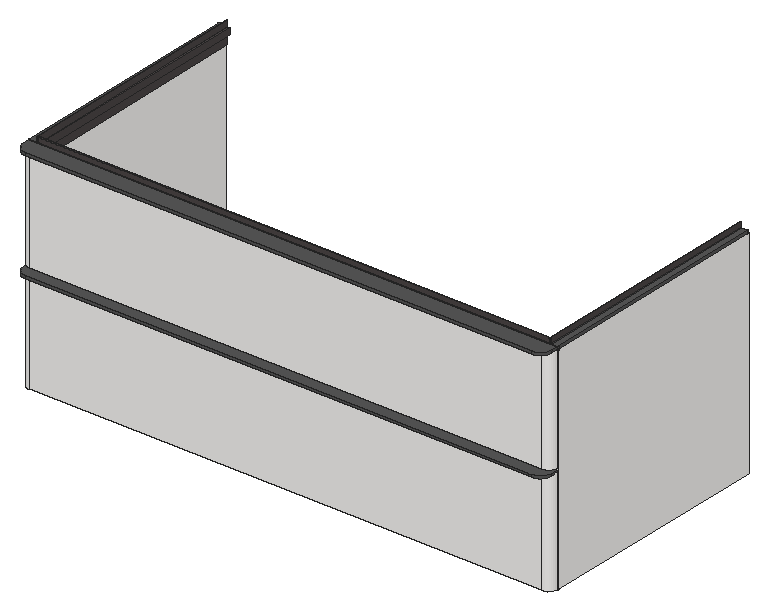
Revit family "vanity unit with 2 drawers for consoles with bowl", category Furniture, Revit 2019
Family settings
  OmniClass Number = 23.21.19.15.33.13
  Work Plane-Based = No
  Always vertical = Yes
  Cut with Voids When Loaded = No
  Shared = Yes
  Room Calculation Point = No
Parameters (values of type "Vanity unit 1180_550 with 2 drawers for consoles with bowl-54082670-High Gloss White-MATT_BLACK-400")
  etim7_EC011381 = "EC011381"
  WEIGHT = "42.7"
  Vanity unit 980_550 with 2 drawers for consoles with bowl-54081700-Dark Walnut-MATT_WHITE-400_RX0RY0RZ0TX0TY0TZ0_V = no
  Vanity unit 980_550 with 2 drawers for consoles with bowl-54081700-Dark Walnut-MATT_WHITE-200_RX0RY0RZ0TX0TY0TZ0_V = no
  Vanity unit 980_550 with 2 drawers for consoles with bowl-54081670-Dark Walnut-MATT_BLACK-400_RX0RY0RZ0TX0TY0TZ0_V = no
  Vanity unit 980_550 with 2 drawers for consoles with bowl-54081670-Dark Walnut-MATT_BLACK-200_RX0RY0RZ0TX0TY0TZ0_V = no
  Vanity unit 980_550 with 2 drawers for consoles with bowl-54081000-Dark Walnut-CHROME-400_RX0RY0RZ0TX0TY0TZ0_V = no
  Vanity unit 980_550 with 2 drawers for consoles with bowl-54081000-Dark Walnut-CHROME-200_RX0RY0RZ0TX0TY0TZ0_V = no
  Vanity unit 980_550 with 2 drawers for consoles with bowl-54080700-Natural Oak-MATT_WHITE-400_RX0RY0RZ0TX0TY0TZ0_V = no
  Vanity unit 980_550 with 2 drawers for consoles with bowl-54080700-Natural Oak-MATT_WHITE-200_RX0RY0RZ0TX0TY0TZ0_V = no
  Vanity unit 980_550 with 2 drawers for consoles with bowl-54080670-Natural Oak-MATT_BLACK-400_RX0RY0RZ0TX0TY0TZ0_V = no
  Vanity unit 980_550 with 2 drawers for consoles with bowl-54080670-Natural Oak-MATT_BLACK-200_RX0RY0RZ0TX0TY0TZ0_V = no
  Vanity unit 980_550 with 2 drawers for consoles with bowl-54080000-Natural Oak-CHROME-400_RX0RY0RZ0TX0TY0TZ0_V = no
  Vanity unit 980_550 with 2 drawers for consoles with bowl-54080000-Natural Oak-CHROME-200_RX0RY0RZ0TX0TY0TZ0_V = no
  Vanity unit 980_550 with 2 drawers for consoles with bowl-54079700-Diamond Matt Grey-MATT_WHITE-400_RX0RY0RZ0TX0TY0TZ0_V = no
  Vanity unit 980_550 with 2 drawers for consoles with bowl-54079700-Diamond Matt Grey-MATT_WHITE-200_RX0RY0RZ0TX0TY0TZ0_V = no
  Vanity unit 980_550 with 2 drawers for consoles with bowl-54079670-Diamond Matt Grey-MATT_BLACK-400_RX0RY0RZ0TX0TY0TZ0_V = no
  Vanity unit 980_550 with 2 drawers for consoles with bowl-54079670-Diamond Matt Grey-MATT_BLACK-200_RX0RY0RZ0TX0TY0TZ0_V = no
  Vanity unit 980_550 with 2 drawers for consoles with bowl-54079000-Diamond Matt Grey-CHROME-400_RX0RY0RZ0TX0TY0TZ0_V = no
  Vanity unit 980_550 with 2 drawers for consoles with bowl-54079000-Diamond Matt Grey-CHROME-200_RX0RY0RZ0TX0TY0TZ0_V = no
  Vanity unit 980_550 with 2 drawers for consoles with bowl-54078700-High Gloss White-MATT_WHITE-400_RX0RY0RZ0TX0TY0TZ0_V = no
  Vanity unit 980_550 with 2 drawers for consoles with bowl-54078700-High Gloss White-MATT_WHITE-200_RX0RY0RZ0TX0TY0TZ0_V = no
  Vanity unit 980_550 with 2 drawers for consoles with bowl-54078670-High Gloss White-MATT_BLACK-400_RX0RY0RZ0TX0TY0TZ0_V = no
  Vanity unit 980_550 with 2 drawers for consoles with bowl-54078670-High Gloss White-MATT_BLACK-200_RX0RY0RZ0TX0TY0TZ0_V = no
  Vanity unit 980_550 with 2 drawers for consoles with bowl-54078000-High Gloss White-CHROME-400_RX0RY0RZ0TX0TY0TZ0_V = no
  Vanity unit 980_550 with 2 drawers for consoles with bowl-54078000-High Gloss White-CHROME-200_RX0RY0RZ0TX0TY0TZ0_V = no
  Vanity unit 780_550 with 2 drawers for consoles with bowl-54077700-Dark Walnut-MATT_WHITE-400_RX0RY0RZ0TX0TY0TZ0_V = no
  Vanity unit 780_550 with 2 drawers for consoles with bowl-54077700-Dark Walnut-MATT_WHITE-200_RX0RY0RZ0TX0TY0TZ0_V = no
  Vanity unit 780_550 with 2 drawers for consoles with bowl-54077670-Dark Walnut-MATT_BLACK-400_RX0RY0RZ0TX0TY0TZ0_V = no
  Vanity unit 780_550 with 2 drawers for consoles with bowl-54077670-Dark Walnut-MATT_BLACK-200_RX0RY0RZ0TX0TY0TZ0_V = no
  Vanity unit 780_550 with 2 drawers for consoles with bowl-54077000-Dark Walnut-CHROME-400_RX0RY0RZ0TX0TY0TZ0_V = no
  Vanity unit 780_550 with 2 drawers for consoles with bowl-54077000-Dark Walnut-CHROME-200_RX0RY0RZ0TX0TY0TZ0_V = no
  Vanity unit 780_550 with 2 drawers for consoles with bowl-54076700-Natural Oak-MATT_WHITE-400_RX0RY0RZ0TX0TY0TZ0_V = no
  Vanity unit 780_550 with 2 drawers for consoles with bowl-54076700-Natural Oak-MATT_WHITE-200_RX0RY0RZ0TX0TY0TZ0_V = no
  Vanity unit 780_550 with 2 drawers for consoles with bowl-54076670-Natural Oak-MATT_BLACK-400_RX0RY0RZ0TX0TY0TZ0_V = no
  Vanity unit 780_550 with 2 drawers for consoles with bowl-54076670-Natural Oak-MATT_BLACK-200_RX0RY0RZ0TX0TY0TZ0_V = no
  Vanity unit 780_550 with 2 drawers for consoles with bowl-54076000-Natural Oak-CHROME-400_RX0RY0RZ0TX0TY0TZ0_V = no
  Vanity unit 780_550 with 2 drawers for consoles with bowl-54076000-Natural Oak-CHROME-200_RX0RY0RZ0TX0TY0TZ0_V = no
  Vanity unit 780_550 with 2 drawers for consoles with bowl-54075700-Diamond Matt Grey-MATT_WHITE-400_RX0RY0RZ0TX0TY0TZ0_V = no
  Vanity unit 780_550 with 2 drawers for consoles with bowl-54075700-Diamond Matt Grey-MATT_WHITE-200_RX0RY0RZ0TX0TY0TZ0_V = no
  Vanity unit 780_550 with 2 drawers for consoles with bowl-54075670-Diamond Matt Grey-MATT_BLACK-400_RX0RY0RZ0TX0TY0TZ0_V = no
  Vanity unit 780_550 with 2 drawers for consoles with bowl-54075670-Diamond Matt Grey-MATT_BLACK-200_RX0RY0RZ0TX0TY0TZ0_V = no
  Vanity unit 780_550 with 2 drawers for consoles with bowl-54075000-Diamond Matt Grey-CHROME-400_RX0RY0RZ0TX0TY0TZ0_V = no
  Vanity unit 780_550 with 2 drawers for consoles with bowl-54075000-Diamond Matt Grey-CHROME-200_RX0RY0RZ0TX0TY0TZ0_V = no
  Vanity unit 780_550 with 2 drawers for consoles with bowl-54074700-High Gloss White-MATT_WHITE-400_RX0RY0RZ0TX0TY0TZ0_V = no
  Vanity unit 780_550 with 2 drawers for consoles with bowl-54074700-High Gloss White-MATT_WHITE-200_RX0RY0RZ0TX0TY0TZ0_V = no
  Vanity unit 780_550 with 2 drawers for consoles with bowl-54074670-High Gloss White-MATT_BLACK-400_RX0RY0RZ0TX0TY0TZ0_V = no
  Vanity unit 780_550 with 2 drawers for consoles with bowl-54074670-High Gloss White-MATT_BLACK-200_RX0RY0RZ0TX0TY0TZ0_V = no
  Vanity unit 780_550 with 2 drawers for consoles with bowl-54074000-High Gloss White-CHROME-400_RX0RY0RZ0TX0TY0TZ0_V = no
  Vanity unit 780_550 with 2 drawers for consoles with bowl-54074000-High Gloss White-CHROME-200_RX0RY0RZ0TX0TY0TZ0_V = no
  Vanity unit 1180_550 with 2 drawers for consoles with bowl-54085700-Dark Walnut-MATT_WHITE-400_RX0RY0RZ0TX0TY0TZ0_V = no
  Vanity unit 1180_550 with 2 drawers for consoles with bowl-54085700-Dark Walnut-MATT_WHITE-200_RX0RY0RZ0TX0TY0TZ0_V = no
  Vanity unit 1180_550 with 2 drawers for consoles with bowl-54085670-Dark Walnut-MATT_BLACK-400_RX0RY0RZ0TX0TY0TZ0_V = no
  Vanity unit 1180_550 with 2 drawers for consoles with bowl-54085670-Dark Walnut-MATT_BLACK-200_RX0RY0RZ0TX0TY0TZ0_V = no
  Vanity unit 1180_550 with 2 drawers for consoles with bowl-54085000-Dark Walnut-CHROME-400_RX0RY0RZ0TX0TY0TZ0_V = no
  Vanity unit 1180_550 with 2 drawers for consoles with bowl-54085000-Dark Walnut-CHROME-200_RX0RY0RZ0TX0TY0TZ0_V = no
  Vanity unit 1180_550 with 2 drawers for consoles with bowl-54084700-Natural Oak-MATT_WHITE-400_RX0RY0RZ0TX0TY0TZ0_V = no
  Vanity unit 1180_550 with 2 drawers for consoles with bowl-54084700-Natural Oak-MATT_WHITE-200_RX0RY0RZ0TX0TY0TZ0_V = no
  Vanity unit 1180_550 with 2 drawers for consoles with bowl-54084670-Natural Oak-MATT_BLACK-400_RX0RY0RZ0TX0TY0TZ0_V = no
  Vanity unit 1180_550 with 2 drawers for consoles with bowl-54084670-Natural Oak-MATT_BLACK-200_RX0RY0RZ0TX0TY0TZ0_V = no
  Vanity unit 1180_550 with 2 drawers for consoles with bowl-54084000-Natural Oak-CHROME-400_RX0RY0RZ0TX0TY0TZ0_V = no
  Vanity unit 1180_550 with 2 drawers for consoles with bowl-54084000-Natural Oak-CHROME-200_RX0RY0RZ0TX0TY0TZ0_V = no
  Vanity unit 1180_550 with 2 drawers for consoles with bowl-54083700-Diamond Matt Grey-MATT_WHITE-400_RX0RY0RZ0TX0TY0TZ0_V = no
  Vanity unit 1180_550 with 2 drawers for consoles with bowl-54083700-Diamond Matt Grey-MATT_WHITE-200_RX0RY0RZ0TX0TY0TZ0_V = no
  Vanity unit 1180_550 with 2 drawers for consoles with bowl-54083670-Diamond Matt Grey-MATT_BLACK-400_RX0RY0RZ0TX0TY0TZ0_V = no
  Vanity unit 1180_550 with 2 drawers for consoles with bowl-54083670-Diamond Matt Grey-MATT_BLACK-200_RX0RY0RZ0TX0TY0TZ0_V = no
  Vanity unit 1180_550 with 2 drawers for consoles with bowl-54083000-Diamond Matt Grey-CHROME-400_RX0RY0RZ0TX0TY0TZ0_V = no
  Vanity unit 1180_550 with 2 drawers for consoles with bowl-54083000-Diamond Matt Grey-CHROME-200_RX0RY0RZ0TX0TY0TZ0_V = no
  Vanity unit 1180_550 with 2 drawers for consoles with bowl-54082700-High Gloss White-MATT_WHITE-400_RX0RY0RZ0TX0TY0TZ0_V = no
  Vanity unit 1180_550 with 2 drawers for consoles with bowl-54082700-High Gloss White-MATT_WHITE-200_RX0RY0RZ0TX0TY0TZ0_V = no
  Vanity unit 1180_550 with 2 drawers for consoles with bowl-54082670-High Gloss White-MATT_BLACK-400_RX0RY0RZ0TX0TY0TZ0_V = yes
  Vanity unit 1180_550 with 2 drawers for consoles with bowl-54082670-High Gloss White-MATT_BLACK-200_RX0RY0RZ0TX0TY0TZ0_V = no
  Vanity unit 1180_550 with 2 drawers for consoles with bowl-54082000-High Gloss White-CHROME-400_RX0RY0RZ0TX0TY0TZ0_V = no
  Vanity unit 1180_550 with 2 drawers for consoles with bowl-54082000-High Gloss White-CHROME-200_RX0RY0RZ0TX0TY0TZ0_V = no
  UNSPSC = "56 | Furniture and Furnishings"
  UNIFORMATII = "E2010 | Fixed Furnishings"
  UNICLASS_2015_CODE = "40_30_78_05"
  UNICLASS2015 = "Pr_40_30_78_05 | Bathroom furniture"
  SURFACE = "MATT_BLACK"
  REGIONSET = "Worldwide"
  PRODUCTURL = "https://pro.hansgrohe.com/articledetail--54082000"
  PRODUCTGROUP = "vanity unit"
  PRODUCTFAMILY = "Xelu Q"
  PERMALINK = "54082XXX"
  OMNICLASS = "23-21 19 15 33 13 | Residential Bathroom Specialty Casework"
  OBJECTTYPE = "Object (single object)"
  OBERFLAECHE = "High Gloss White"
  NN = "Vanity unit with 2 drawers for consoles with bowl"
  NBSYN = "$BASENUMBER.-$ARTNR.-$OBERFLAECHE.-$SURFACE.-$LODLEVEL."
  NB = "Vanity unit 1180/550 with 2 drawers for consoles with bowl-54082670-High Gloss White-MATT_BLACK-400"
  NAME = "Xelu Q Vanity unit High Gloss White 1180/550 with 2 drawers for consoles with bowl"
  Model = "Vanity unit 1180/550 with 2 drawers for consoles with bowl-54082670-High Gloss White-MATT_BLACK-400"
  Manufacturer = "Hansgrohe"
  MIdent = "{$CADENAS_DATA/23d-libs/hansgrohe/xelu_furniture/vanity_unit_2_drawers_for_consoles_with_bowl/vanity_unit_2_drawers_for_consoles_with_bowl.prj},390 {VTYP=3D},{NB=Vanity unit 1180/550 with 2 drawers for consoles with bowl-54082670-High Gloss White-MATT_BLACK-400},{LINA=Vanity unit 1180/550 with 2 drawers for consoles with bowl-54082670-High Gloss White-MATT_BLACK-400},{NN=Vanity unit with 2 drawers for consoles with bowl},{DATE=13.03.2023 03:03:55},{GEOMDATE=08.03.2023 13:53:52},{VERSION=},{LINEID=510},{WBVAR=LODLEVEL},{WBNUMERIC=}  {NB=Vanity unit 1180/550 with 2 drawers for consoles with bowl-54082670-High Gloss White-MATT_BLACK-400},{LINA=Vanity unit 1180/550 with 2 drawers for consoles with bowl-54082670-High Gloss White-MATT_BLACK-400},{KT=DUMMY},{IDNR=27},{ARTNR=54082670},{BASENUMBER=Vanity unit 1180/550 with 2 drawers for consoles with bowl},{MODEL=54082XXX},{OBERFLAECHE=High Gloss White},{SURFACE=MATT_BLACK},{L=1180},{LODLEVEL=400},{LODLEVELX='400','400','200','200'},{NAME=Xelu Q Vanity unit High Gloss White 1180/550 with 2 drawers for consoles with bowl},{PERMALINK=54082XXX},{OBJECTTYPE=Object (single object)},{BIMOBJECT=Sanitary: Compound units},{PRODUCTFAMILY=Xelu Q},{PRODUCTGROUP=vanity unit},{WEIGHT=42.7},{DESCRIPTION=Xelu Q Vanity unit High Gloss White 1180/550 with 2 drawers for consoles with bowl},{SPECIFICATION=},{PRODUCTURL=https://pro.hansgrohe.com/articledetail--54082000},{GTINCODE=4059625456699},{TENDERURL=},{IFC=Furnishing element},{ETIM=EC011381 | Bathroom furniture set},{UNICLASS2015=Pr_40_30_78_05 | Bathroom furniture},{OMNICLASS=23-21 19 15 33 13 | Residential Bathroom Specialty Casework},{MASTERFORMAT=12 35 30.23 | Bathroom Casework},{UNSPSC=56 | Furniture and Furnishings},{UNIFORMATII=E2010 | Fixed Furnishings},{DESIGN=Germany},{MANUFACTURER=Germany},{REGIONSET=Worldwide}"
  MASTERFORMAT = "12 35 30.23 | Bathroom Casework"
  LODLEVEL = "400"
  LINA = "Vanity unit 1180/550 with 2 drawers for consoles with bowl-54082670-High Gloss White-MATT_BLACK-400"
  L = 1180
  IFC = "Furnishing element"
  GTINCODE = "4059625456699"
  ETIM = "EC011381 | Bathroom furniture set"
  DESIGN = "Germany"
  CATALOG = "Hansgrohe"
  BIMOBJECT = "Sanitary: Compound units"
  BASENUMBER = "Vanity unit 1180/550 with 2 drawers for consoles with bowl"
  ARTNR = "54082670"
Reference planes
  plane 1 "Center (Front/Back)": y = 0
  plane 2: z = 0
  plane 3 "Center (Left/Right)": x = 0
Dimensions and locks
  aligned and locked: level to plane 2
Nested families
  nested 1: "vanity unit 1180_550 with 2 drawers for consoles with bowl-54082000-high gloss white-chrome-200_content" at (0, 0, 0), visible <- "Vanity unit 1180_550 with 2 drawers for consoles with bowl-54082000-High Gloss White-CHROME-200_RX0RY0RZ0TX0TY0TZ0_V", ContentVisible <- "Vanity unit 1180_550 with 2 drawers for consoles with bowl-54082000-High Gloss White-CHROME-200_RX0RY0RZ0TX0TY0TZ0_V", type ""
    with ContentVisible no
  nested 2: "vanity unit 1180_550 with 2 drawers for consoles with bowl-54082000-high gloss white-chrome-400_content" at (0, 0, 0), visible <- "Vanity unit 1180_550 with 2 drawers for consoles with bowl-54082000-High Gloss White-CHROME-400_RX0RY0RZ0TX0TY0TZ0_V", ContentVisible <- "Vanity unit 1180_550 with 2 drawers for consoles with bowl-54082000-High Gloss White-CHROME-400_RX0RY0RZ0TX0TY0TZ0_V", type ""
    with ContentVisible no
  nested 3: "vanity unit 1180_550 with 2 drawers for consoles with bowl-54082670-high gloss white-matt_black-200_content" at (0, 0, 0), visible <- "Vanity unit 1180_550 with 2 drawers for consoles with bowl-54082670-High Gloss White-MATT_BLACK-200_RX0RY0RZ0TX0TY0TZ0_V", ContentVisible <- "Vanity unit 1180_550 with 2 drawers for consoles with bowl-54082670-High Gloss White-MATT_BLACK-200_RX0RY0RZ0TX0TY0TZ0_V", type ""
    with ContentVisible no
  nested 4: "vanity unit 1180_550 with 2 drawers for consoles with bowl-54082670-high gloss white-matt_black-400_content" at (0, 0, 0), visible <- "Vanity unit 1180_550 with 2 drawers for consoles with bowl-54082670-High Gloss White-MATT_BLACK-400_RX0RY0RZ0TX0TY0TZ0_V", ContentVisible <- "Vanity unit 1180_550 with 2 drawers for consoles with bowl-54082670-High Gloss White-MATT_BLACK-400_RX0RY0RZ0TX0TY0TZ0_V", type "Vanity unit 1180_550 with 2 drawers for consoles with bowl-54082670-High Gloss White-MATT_BLACK-400_Content"
    with ContentVisible yes
  nested 5: "vanity unit 1180_550 with 2 drawers for consoles with bowl-54082700-high gloss white-matt_white-200_content" at (0, 0, 0), visible <- "Vanity unit 1180_550 with 2 drawers for consoles with bowl-54082700-High Gloss White-MATT_WHITE-200_RX0RY0RZ0TX0TY0TZ0_V", ContentVisible <- "Vanity unit 1180_550 with 2 drawers for consoles with bowl-54082700-High Gloss White-MATT_WHITE-200_RX0RY0RZ0TX0TY0TZ0_V", type ""
    with ContentVisible no
  nested 6: "vanity unit 1180_550 with 2 drawers for consoles with bowl-54082700-high gloss white-matt_white-400_content" at (0, 0, 0), visible <- "Vanity unit 1180_550 with 2 drawers for consoles with bowl-54082700-High Gloss White-MATT_WHITE-400_RX0RY0RZ0TX0TY0TZ0_V", ContentVisible <- "Vanity unit 1180_550 with 2 drawers for consoles with bowl-54082700-High Gloss White-MATT_WHITE-400_RX0RY0RZ0TX0TY0TZ0_V", type ""
    with ContentVisible no
  nested 7: "vanity unit 1180_550 with 2 drawers for consoles with bowl-54083000-diamond matt grey-chrome-200_content" at (0, 0, 0), visible <- "Vanity unit 1180_550 with 2 drawers for consoles with bowl-54083000-Diamond Matt Grey-CHROME-200_RX0RY0RZ0TX0TY0TZ0_V", ContentVisible <- "Vanity unit 1180_550 with 2 drawers for consoles with bowl-54083000-Diamond Matt Grey-CHROME-200_RX0RY0RZ0TX0TY0TZ0_V", type ""
    with ContentVisible no
  nested 8: "vanity unit 1180_550 with 2 drawers for consoles with bowl-54083000-diamond matt grey-chrome-400_content" at (0, 0, 0), visible <- "Vanity unit 1180_550 with 2 drawers for consoles with bowl-54083000-Diamond Matt Grey-CHROME-400_RX0RY0RZ0TX0TY0TZ0_V", ContentVisible <- "Vanity unit 1180_550 with 2 drawers for consoles with bowl-54083000-Diamond Matt Grey-CHROME-400_RX0RY0RZ0TX0TY0TZ0_V", type ""
    with ContentVisible no
  nested 9: "vanity unit 1180_550 with 2 drawers for consoles with bowl-54083670-diamond matt grey-matt_black-200_content" at (0, 0, 0), visible <- "Vanity unit 1180_550 with 2 drawers for consoles with bowl-54083670-Diamond Matt Grey-MATT_BLACK-200_RX0RY0RZ0TX0TY0TZ0_V", ContentVisible <- "Vanity unit 1180_550 with 2 drawers for consoles with bowl-54083670-Diamond Matt Grey-MATT_BLACK-200_RX0RY0RZ0TX0TY0TZ0_V", type ""
    with ContentVisible no
  nested 10: "vanity unit 1180_550 with 2 drawers for consoles with bowl-54083670-diamond matt grey-matt_black-400_content" at (0, 0, 0), visible <- "Vanity unit 1180_550 with 2 drawers for consoles with bowl-54083670-Diamond Matt Grey-MATT_BLACK-400_RX0RY0RZ0TX0TY0TZ0_V", ContentVisible <- "Vanity unit 1180_550 with 2 drawers for consoles with bowl-54083670-Diamond Matt Grey-MATT_BLACK-400_RX0RY0RZ0TX0TY0TZ0_V", type ""
    with ContentVisible no
  nested 11: "vanity unit 1180_550 with 2 drawers for consoles with bowl-54083700-diamond matt grey-matt_white-200_content" at (0, 0, 0), visible <- "Vanity unit 1180_550 with 2 drawers for consoles with bowl-54083700-Diamond Matt Grey-MATT_WHITE-200_RX0RY0RZ0TX0TY0TZ0_V", ContentVisible <- "Vanity unit 1180_550 with 2 drawers for consoles with bowl-54083700-Diamond Matt Grey-MATT_WHITE-200_RX0RY0RZ0TX0TY0TZ0_V", type ""
    with ContentVisible no
  nested 12: "vanity unit 1180_550 with 2 drawers for consoles with bowl-54083700-diamond matt grey-matt_white-400_content" at (0, 0, 0), visible <- "Vanity unit 1180_550 with 2 drawers for consoles with bowl-54083700-Diamond Matt Grey-MATT_WHITE-400_RX0RY0RZ0TX0TY0TZ0_V", ContentVisible <- "Vanity unit 1180_550 with 2 drawers for consoles with bowl-54083700-Diamond Matt Grey-MATT_WHITE-400_RX0RY0RZ0TX0TY0TZ0_V", type ""
    with ContentVisible no
  nested 13: "vanity unit 1180_550 with 2 drawers for consoles with bowl-54084000-natural oak-chrome-200_content" at (0, 0, 0), visible <- "Vanity unit 1180_550 with 2 drawers for consoles with bowl-54084000-Natural Oak-CHROME-200_RX0RY0RZ0TX0TY0TZ0_V", ContentVisible <- "Vanity unit 1180_550 with 2 drawers for consoles with bowl-54084000-Natural Oak-CHROME-200_RX0RY0RZ0TX0TY0TZ0_V", type ""
    with ContentVisible no
  nested 14: "vanity unit 1180_550 with 2 drawers for consoles with bowl-54084000-natural oak-chrome-400_content" at (0, 0, 0), visible <- "Vanity unit 1180_550 with 2 drawers for consoles with bowl-54084000-Natural Oak-CHROME-400_RX0RY0RZ0TX0TY0TZ0_V", ContentVisible <- "Vanity unit 1180_550 with 2 drawers for consoles with bowl-54084000-Natural Oak-CHROME-400_RX0RY0RZ0TX0TY0TZ0_V", type ""
    with ContentVisible no
  nested 15: "vanity unit 1180_550 with 2 drawers for consoles with bowl-54084670-natural oak-matt_black-200_content" at (0, 0, 0), visible <- "Vanity unit 1180_550 with 2 drawers for consoles with bowl-54084670-Natural Oak-MATT_BLACK-200_RX0RY0RZ0TX0TY0TZ0_V", ContentVisible <- "Vanity unit 1180_550 with 2 drawers for consoles with bowl-54084670-Natural Oak-MATT_BLACK-200_RX0RY0RZ0TX0TY0TZ0_V", type ""
    with ContentVisible no
  nested 16: "vanity unit 1180_550 with 2 drawers for consoles with bowl-54084670-natural oak-matt_black-400_content" at (0, 0, 0), visible <- "Vanity unit 1180_550 with 2 drawers for consoles with bowl-54084670-Natural Oak-MATT_BLACK-400_RX0RY0RZ0TX0TY0TZ0_V", ContentVisible <- "Vanity unit 1180_550 with 2 drawers for consoles with bowl-54084670-Natural Oak-MATT_BLACK-400_RX0RY0RZ0TX0TY0TZ0_V", type ""
    with ContentVisible no
  nested 17: "vanity unit 1180_550 with 2 drawers for consoles with bowl-54084700-natural oak-matt_white-200_content" at (0, 0, 0), visible <- "Vanity unit 1180_550 with 2 drawers for consoles with bowl-54084700-Natural Oak-MATT_WHITE-200_RX0RY0RZ0TX0TY0TZ0_V", ContentVisible <- "Vanity unit 1180_550 with 2 drawers for consoles with bowl-54084700-Natural Oak-MATT_WHITE-200_RX0RY0RZ0TX0TY0TZ0_V", type ""
    with ContentVisible no
  nested 18: "vanity unit 1180_550 with 2 drawers for consoles with bowl-54084700-natural oak-matt_white-400_content" at (0, 0, 0), visible <- "Vanity unit 1180_550 with 2 drawers for consoles with bowl-54084700-Natural Oak-MATT_WHITE-400_RX0RY0RZ0TX0TY0TZ0_V", ContentVisible <- "Vanity unit 1180_550 with 2 drawers for consoles with bowl-54084700-Natural Oak-MATT_WHITE-400_RX0RY0RZ0TX0TY0TZ0_V", type ""
    with ContentVisible no
  nested 19: "vanity unit 1180_550 with 2 drawers for consoles with bowl-54085000-dark walnut-chrome-200_content" at (0, 0, 0), visible <- "Vanity unit 1180_550 with 2 drawers for consoles with bowl-54085000-Dark Walnut-CHROME-200_RX0RY0RZ0TX0TY0TZ0_V", ContentVisible <- "Vanity unit 1180_550 with 2 drawers for consoles with bowl-54085000-Dark Walnut-CHROME-200_RX0RY0RZ0TX0TY0TZ0_V", type ""
    with ContentVisible no
  nested 20: "vanity unit 1180_550 with 2 drawers for consoles with bowl-54085000-dark walnut-chrome-400_content" at (0, 0, 0), visible <- "Vanity unit 1180_550 with 2 drawers for consoles with bowl-54085000-Dark Walnut-CHROME-400_RX0RY0RZ0TX0TY0TZ0_V", ContentVisible <- "Vanity unit 1180_550 with 2 drawers for consoles with bowl-54085000-Dark Walnut-CHROME-400_RX0RY0RZ0TX0TY0TZ0_V", type ""
    with ContentVisible no
  nested 21: "vanity unit 1180_550 with 2 drawers for consoles with bowl-54085670-dark walnut-matt_black-200_content" at (0, 0, 0), visible <- "Vanity unit 1180_550 with 2 drawers for consoles with bowl-54085670-Dark Walnut-MATT_BLACK-200_RX0RY0RZ0TX0TY0TZ0_V", ContentVisible <- "Vanity unit 1180_550 with 2 drawers for consoles with bowl-54085670-Dark Walnut-MATT_BLACK-200_RX0RY0RZ0TX0TY0TZ0_V", type ""
    with ContentVisible no
  nested 22: "vanity unit 1180_550 with 2 drawers for consoles with bowl-54085670-dark walnut-matt_black-400_content" at (0, 0, 0), visible <- "Vanity unit 1180_550 with 2 drawers for consoles with bowl-54085670-Dark Walnut-MATT_BLACK-400_RX0RY0RZ0TX0TY0TZ0_V", ContentVisible <- "Vanity unit 1180_550 with 2 drawers for consoles with bowl-54085670-Dark Walnut-MATT_BLACK-400_RX0RY0RZ0TX0TY0TZ0_V", type ""
    with ContentVisible no
  nested 23: "vanity unit 1180_550 with 2 drawers for consoles with bowl-54085700-dark walnut-matt_white-200_content" at (0, 0, 0), visible <- "Vanity unit 1180_550 with 2 drawers for consoles with bowl-54085700-Dark Walnut-MATT_WHITE-200_RX0RY0RZ0TX0TY0TZ0_V", ContentVisible <- "Vanity unit 1180_550 with 2 drawers for consoles with bowl-54085700-Dark Walnut-MATT_WHITE-200_RX0RY0RZ0TX0TY0TZ0_V", type ""
    with ContentVisible no
  nested 24: "vanity unit 1180_550 with 2 drawers for consoles with bowl-54085700-dark walnut-matt_white-400_content" at (0, 0, 0), visible <- "Vanity unit 1180_550 with 2 drawers for consoles with bowl-54085700-Dark Walnut-MATT_WHITE-400_RX0RY0RZ0TX0TY0TZ0_V", ContentVisible <- "Vanity unit 1180_550 with 2 drawers for consoles with bowl-54085700-Dark Walnut-MATT_WHITE-400_RX0RY0RZ0TX0TY0TZ0_V", type ""
    with ContentVisible no
  nested 25: "vanity unit 780_550 with 2 drawers for consoles with bowl-54074000-high gloss white-chrome-200_content" at (0, 0, 0), visible <- "Vanity unit 780_550 with 2 drawers for consoles with bowl-54074000-High Gloss White-CHROME-200_RX0RY0RZ0TX0TY0TZ0_V", ContentVisible <- "Vanity unit 780_550 with 2 drawers for consoles with bowl-54074000-High Gloss White-CHROME-200_RX0RY0RZ0TX0TY0TZ0_V", type ""
    with ContentVisible no
  nested 26: "vanity unit 780_550 with 2 drawers for consoles with bowl-54074000-high gloss white-chrome-400_content" at (0, 0, 0), visible <- "Vanity unit 780_550 with 2 drawers for consoles with bowl-54074000-High Gloss White-CHROME-400_RX0RY0RZ0TX0TY0TZ0_V", ContentVisible <- "Vanity unit 780_550 with 2 drawers for consoles with bowl-54074000-High Gloss White-CHROME-400_RX0RY0RZ0TX0TY0TZ0_V", type ""
    with ContentVisible no
  nested 27: "vanity unit 780_550 with 2 drawers for consoles with bowl-54074670-high gloss white-matt_black-200_content" at (0, 0, 0), visible <- "Vanity unit 780_550 with 2 drawers for consoles with bowl-54074670-High Gloss White-MATT_BLACK-200_RX0RY0RZ0TX0TY0TZ0_V", ContentVisible <- "Vanity unit 780_550 with 2 drawers for consoles with bowl-54074670-High Gloss White-MATT_BLACK-200_RX0RY0RZ0TX0TY0TZ0_V", type ""
    with ContentVisible no
  nested 28: "vanity unit 780_550 with 2 drawers for consoles with bowl-54074670-high gloss white-matt_black-400_content" at (0, 0, 0), visible <- "Vanity unit 780_550 with 2 drawers for consoles with bowl-54074670-High Gloss White-MATT_BLACK-400_RX0RY0RZ0TX0TY0TZ0_V", ContentVisible <- "Vanity unit 780_550 with 2 drawers for consoles with bowl-54074670-High Gloss White-MATT_BLACK-400_RX0RY0RZ0TX0TY0TZ0_V", type ""
    with ContentVisible no
  nested 29: "vanity unit 780_550 with 2 drawers for consoles with bowl-54074700-high gloss white-matt_white-200_content" at (0, 0, 0), visible <- "Vanity unit 780_550 with 2 drawers for consoles with bowl-54074700-High Gloss White-MATT_WHITE-200_RX0RY0RZ0TX0TY0TZ0_V", ContentVisible <- "Vanity unit 780_550 with 2 drawers for consoles with bowl-54074700-High Gloss White-MATT_WHITE-200_RX0RY0RZ0TX0TY0TZ0_V", type ""
    with ContentVisible no
  nested 30: "vanity unit 780_550 with 2 drawers for consoles with bowl-54074700-high gloss white-matt_white-400_content" at (0, 0, 0), visible <- "Vanity unit 780_550 with 2 drawers for consoles with bowl-54074700-High Gloss White-MATT_WHITE-400_RX0RY0RZ0TX0TY0TZ0_V", ContentVisible <- "Vanity unit 780_550 with 2 drawers for consoles with bowl-54074700-High Gloss White-MATT_WHITE-400_RX0RY0RZ0TX0TY0TZ0_V", type ""
    with ContentVisible no
  nested 31: "vanity unit 780_550 with 2 drawers for consoles with bowl-54075000-diamond matt grey-chrome-200_content" at (0, 0, 0), visible <- "Vanity unit 780_550 with 2 drawers for consoles with bowl-54075000-Diamond Matt Grey-CHROME-200_RX0RY0RZ0TX0TY0TZ0_V", ContentVisible <- "Vanity unit 780_550 with 2 drawers for consoles with bowl-54075000-Diamond Matt Grey-CHROME-200_RX0RY0RZ0TX0TY0TZ0_V", type ""
    with ContentVisible no
  nested 32: "vanity unit 780_550 with 2 drawers for consoles with bowl-54075000-diamond matt grey-chrome-400_content" at (0, 0, 0), visible <- "Vanity unit 780_550 with 2 drawers for consoles with bowl-54075000-Diamond Matt Grey-CHROME-400_RX0RY0RZ0TX0TY0TZ0_V", ContentVisible <- "Vanity unit 780_550 with 2 drawers for consoles with bowl-54075000-Diamond Matt Grey-CHROME-400_RX0RY0RZ0TX0TY0TZ0_V", type ""
    with ContentVisible no
  nested 33: "vanity unit 780_550 with 2 drawers for consoles with bowl-54075670-diamond matt grey-matt_black-200_content" at (0, 0, 0), visible <- "Vanity unit 780_550 with 2 drawers for consoles with bowl-54075670-Diamond Matt Grey-MATT_BLACK-200_RX0RY0RZ0TX0TY0TZ0_V", ContentVisible <- "Vanity unit 780_550 with 2 drawers for consoles with bowl-54075670-Diamond Matt Grey-MATT_BLACK-200_RX0RY0RZ0TX0TY0TZ0_V", type ""
    with ContentVisible no
  nested 34: "vanity unit 780_550 with 2 drawers for consoles with bowl-54075670-diamond matt grey-matt_black-400_content" at (0, 0, 0), visible <- "Vanity unit 780_550 with 2 drawers for consoles with bowl-54075670-Diamond Matt Grey-MATT_BLACK-400_RX0RY0RZ0TX0TY0TZ0_V", ContentVisible <- "Vanity unit 780_550 with 2 drawers for consoles with bowl-54075670-Diamond Matt Grey-MATT_BLACK-400_RX0RY0RZ0TX0TY0TZ0_V", type ""
    with ContentVisible no
  nested 35: "vanity unit 780_550 with 2 drawers for consoles with bowl-54075700-diamond matt grey-matt_white-200_content" at (0, 0, 0), visible <- "Vanity unit 780_550 with 2 drawers for consoles with bowl-54075700-Diamond Matt Grey-MATT_WHITE-200_RX0RY0RZ0TX0TY0TZ0_V", ContentVisible <- "Vanity unit 780_550 with 2 drawers for consoles with bowl-54075700-Diamond Matt Grey-MATT_WHITE-200_RX0RY0RZ0TX0TY0TZ0_V", type ""
    with ContentVisible no
  nested 36: "vanity unit 780_550 with 2 drawers for consoles with bowl-54075700-diamond matt grey-matt_white-400_content" at (0, 0, 0), visible <- "Vanity unit 780_550 with 2 drawers for consoles with bowl-54075700-Diamond Matt Grey-MATT_WHITE-400_RX0RY0RZ0TX0TY0TZ0_V", ContentVisible <- "Vanity unit 780_550 with 2 drawers for consoles with bowl-54075700-Diamond Matt Grey-MATT_WHITE-400_RX0RY0RZ0TX0TY0TZ0_V", type ""
    with ContentVisible no
  nested 37: "vanity unit 780_550 with 2 drawers for consoles with bowl-54076000-natural oak-chrome-200_content" at (0, 0, 0), visible <- "Vanity unit 780_550 with 2 drawers for consoles with bowl-54076000-Natural Oak-CHROME-200_RX0RY0RZ0TX0TY0TZ0_V", ContentVisible <- "Vanity unit 780_550 with 2 drawers for consoles with bowl-54076000-Natural Oak-CHROME-200_RX0RY0RZ0TX0TY0TZ0_V", type ""
    with ContentVisible no
  nested 38: "vanity unit 780_550 with 2 drawers for consoles with bowl-54076000-natural oak-chrome-400_content" at (0, 0, 0), visible <- "Vanity unit 780_550 with 2 drawers for consoles with bowl-54076000-Natural Oak-CHROME-400_RX0RY0RZ0TX0TY0TZ0_V", ContentVisible <- "Vanity unit 780_550 with 2 drawers for consoles with bowl-54076000-Natural Oak-CHROME-400_RX0RY0RZ0TX0TY0TZ0_V", type ""
    with ContentVisible no
  nested 39: "vanity unit 780_550 with 2 drawers for consoles with bowl-54076670-natural oak-matt_black-200_content" at (0, 0, 0), visible <- "Vanity unit 780_550 with 2 drawers for consoles with bowl-54076670-Natural Oak-MATT_BLACK-200_RX0RY0RZ0TX0TY0TZ0_V", ContentVisible <- "Vanity unit 780_550 with 2 drawers for consoles with bowl-54076670-Natural Oak-MATT_BLACK-200_RX0RY0RZ0TX0TY0TZ0_V", type ""
    with ContentVisible no
  nested 40: "vanity unit 780_550 with 2 drawers for consoles with bowl-54076670-natural oak-matt_black-400_content" at (0, 0, 0), visible <- "Vanity unit 780_550 with 2 drawers for consoles with bowl-54076670-Natural Oak-MATT_BLACK-400_RX0RY0RZ0TX0TY0TZ0_V", ContentVisible <- "Vanity unit 780_550 with 2 drawers for consoles with bowl-54076670-Natural Oak-MATT_BLACK-400_RX0RY0RZ0TX0TY0TZ0_V", type ""
    with ContentVisible no
  nested 41: "vanity unit 780_550 with 2 drawers for consoles with bowl-54076700-natural oak-matt_white-200_content" at (0, 0, 0), visible <- "Vanity unit 780_550 with 2 drawers for consoles with bowl-54076700-Natural Oak-MATT_WHITE-200_RX0RY0RZ0TX0TY0TZ0_V", ContentVisible <- "Vanity unit 780_550 with 2 drawers for consoles with bowl-54076700-Natural Oak-MATT_WHITE-200_RX0RY0RZ0TX0TY0TZ0_V", type ""
    with ContentVisible no
  nested 42: "vanity unit 780_550 with 2 drawers for consoles with bowl-54076700-natural oak-matt_white-400_content" at (0, 0, 0), visible <- "Vanity unit 780_550 with 2 drawers for consoles with bowl-54076700-Natural Oak-MATT_WHITE-400_RX0RY0RZ0TX0TY0TZ0_V", ContentVisible <- "Vanity unit 780_550 with 2 drawers for consoles with bowl-54076700-Natural Oak-MATT_WHITE-400_RX0RY0RZ0TX0TY0TZ0_V", type ""
    with ContentVisible no
  nested 43: "vanity unit 780_550 with 2 drawers for consoles with bowl-54077000-dark walnut-chrome-200_content" at (0, 0, 0), visible <- "Vanity unit 780_550 with 2 drawers for consoles with bowl-54077000-Dark Walnut-CHROME-200_RX0RY0RZ0TX0TY0TZ0_V", ContentVisible <- "Vanity unit 780_550 with 2 drawers for consoles with bowl-54077000-Dark Walnut-CHROME-200_RX0RY0RZ0TX0TY0TZ0_V", type ""
    with ContentVisible no
  nested 44: "vanity unit 780_550 with 2 drawers for consoles with bowl-54077000-dark walnut-chrome-400_content" at (0, 0, 0), visible <- "Vanity unit 780_550 with 2 drawers for consoles with bowl-54077000-Dark Walnut-CHROME-400_RX0RY0RZ0TX0TY0TZ0_V", ContentVisible <- "Vanity unit 780_550 with 2 drawers for consoles with bowl-54077000-Dark Walnut-CHROME-400_RX0RY0RZ0TX0TY0TZ0_V", type ""
    with ContentVisible no
  nested 45: "vanity unit 780_550 with 2 drawers for consoles with bowl-54077670-dark walnut-matt_black-200_content" at (0, 0, 0), visible <- "Vanity unit 780_550 with 2 drawers for consoles with bowl-54077670-Dark Walnut-MATT_BLACK-200_RX0RY0RZ0TX0TY0TZ0_V", ContentVisible <- "Vanity unit 780_550 with 2 drawers for consoles with bowl-54077670-Dark Walnut-MATT_BLACK-200_RX0RY0RZ0TX0TY0TZ0_V", type ""
    with ContentVisible no
  nested 46: "vanity unit 780_550 with 2 drawers for consoles with bowl-54077670-dark walnut-matt_black-400_content" at (0, 0, 0), visible <- "Vanity unit 780_550 with 2 drawers for consoles with bowl-54077670-Dark Walnut-MATT_BLACK-400_RX0RY0RZ0TX0TY0TZ0_V", ContentVisible <- "Vanity unit 780_550 with 2 drawers for consoles with bowl-54077670-Dark Walnut-MATT_BLACK-400_RX0RY0RZ0TX0TY0TZ0_V", type ""
    with ContentVisible no
  nested 47: "vanity unit 780_550 with 2 drawers for consoles with bowl-54077700-dark walnut-matt_white-200_content" at (0, 0, 0), visible <- "Vanity unit 780_550 with 2 drawers for consoles with bowl-54077700-Dark Walnut-MATT_WHITE-200_RX0RY0RZ0TX0TY0TZ0_V", ContentVisible <- "Vanity unit 780_550 with 2 drawers for consoles with bowl-54077700-Dark Walnut-MATT_WHITE-200_RX0RY0RZ0TX0TY0TZ0_V", type ""
    with ContentVisible no
  nested 48: "vanity unit 780_550 with 2 drawers for consoles with bowl-54077700-dark walnut-matt_white-400_content" at (0, 0, 0), visible <- "Vanity unit 780_550 with 2 drawers for consoles with bowl-54077700-Dark Walnut-MATT_WHITE-400_RX0RY0RZ0TX0TY0TZ0_V", ContentVisible <- "Vanity unit 780_550 with 2 drawers for consoles with bowl-54077700-Dark Walnut-MATT_WHITE-400_RX0RY0RZ0TX0TY0TZ0_V", type ""
    with ContentVisible no
  nested 49: "vanity unit 980_550 with 2 drawers for consoles with bowl-54078000-high gloss white-chrome-200_content" at (0, 0, 0), visible <- "Vanity unit 980_550 with 2 drawers for consoles with bowl-54078000-High Gloss White-CHROME-200_RX0RY0RZ0TX0TY0TZ0_V", ContentVisible <- "Vanity unit 980_550 with 2 drawers for consoles with bowl-54078000-High Gloss White-CHROME-200_RX0RY0RZ0TX0TY0TZ0_V", type ""
    with ContentVisible no
  nested 50: "vanity unit 980_550 with 2 drawers for consoles with bowl-54078000-high gloss white-chrome-400_content" at (0, 0, 0), visible <- "Vanity unit 980_550 with 2 drawers for consoles with bowl-54078000-High Gloss White-CHROME-400_RX0RY0RZ0TX0TY0TZ0_V", ContentVisible <- "Vanity unit 980_550 with 2 drawers for consoles with bowl-54078000-High Gloss White-CHROME-400_RX0RY0RZ0TX0TY0TZ0_V", type ""
    with ContentVisible no
  nested 51: "vanity unit 980_550 with 2 drawers for consoles with bowl-54078670-high gloss white-matt_black-200_content" at (0, 0, 0), visible <- "Vanity unit 980_550 with 2 drawers for consoles with bowl-54078670-High Gloss White-MATT_BLACK-200_RX0RY0RZ0TX0TY0TZ0_V", ContentVisible <- "Vanity unit 980_550 with 2 drawers for consoles with bowl-54078670-High Gloss White-MATT_BLACK-200_RX0RY0RZ0TX0TY0TZ0_V", type ""
    with ContentVisible no
  nested 52: "vanity unit 980_550 with 2 drawers for consoles with bowl-54078670-high gloss white-matt_black-400_content" at (0, 0, 0), visible <- "Vanity unit 980_550 with 2 drawers for consoles with bowl-54078670-High Gloss White-MATT_BLACK-400_RX0RY0RZ0TX0TY0TZ0_V", ContentVisible <- "Vanity unit 980_550 with 2 drawers for consoles with bowl-54078670-High Gloss White-MATT_BLACK-400_RX0RY0RZ0TX0TY0TZ0_V", type ""
    with ContentVisible no
  nested 53: "vanity unit 980_550 with 2 drawers for consoles with bowl-54078700-high gloss white-matt_white-200_content" at (0, 0, 0), visible <- "Vanity unit 980_550 with 2 drawers for consoles with bowl-54078700-High Gloss White-MATT_WHITE-200_RX0RY0RZ0TX0TY0TZ0_V", ContentVisible <- "Vanity unit 980_550 with 2 drawers for consoles with bowl-54078700-High Gloss White-MATT_WHITE-200_RX0RY0RZ0TX0TY0TZ0_V", type ""
    with ContentVisible no
  nested 54: "vanity unit 980_550 with 2 drawers for consoles with bowl-54078700-high gloss white-matt_white-400_content" at (0, 0, 0), visible <- "Vanity unit 980_550 with 2 drawers for consoles with bowl-54078700-High Gloss White-MATT_WHITE-400_RX0RY0RZ0TX0TY0TZ0_V", ContentVisible <- "Vanity unit 980_550 with 2 drawers for consoles with bowl-54078700-High Gloss White-MATT_WHITE-400_RX0RY0RZ0TX0TY0TZ0_V", type ""
    with ContentVisible no
  nested 55: "vanity unit 980_550 with 2 drawers for consoles with bowl-54079000-diamond matt grey-chrome-200_content" at (0, 0, 0), visible <- "Vanity unit 980_550 with 2 drawers for consoles with bowl-54079000-Diamond Matt Grey-CHROME-200_RX0RY0RZ0TX0TY0TZ0_V", ContentVisible <- "Vanity unit 980_550 with 2 drawers for consoles with bowl-54079000-Diamond Matt Grey-CHROME-200_RX0RY0RZ0TX0TY0TZ0_V", type ""
    with ContentVisible no
  nested 56: "vanity unit 980_550 with 2 drawers for consoles with bowl-54079000-diamond matt grey-chrome-400_content" at (0, 0, 0), visible <- "Vanity unit 980_550 with 2 drawers for consoles with bowl-54079000-Diamond Matt Grey-CHROME-400_RX0RY0RZ0TX0TY0TZ0_V", ContentVisible <- "Vanity unit 980_550 with 2 drawers for consoles with bowl-54079000-Diamond Matt Grey-CHROME-400_RX0RY0RZ0TX0TY0TZ0_V", type ""
    with ContentVisible no
  nested 57: "vanity unit 980_550 with 2 drawers for consoles with bowl-54079670-diamond matt grey-matt_black-200_content" at (0, 0, 0), visible <- "Vanity unit 980_550 with 2 drawers for consoles with bowl-54079670-Diamond Matt Grey-MATT_BLACK-200_RX0RY0RZ0TX0TY0TZ0_V", ContentVisible <- "Vanity unit 980_550 with 2 drawers for consoles with bowl-54079670-Diamond Matt Grey-MATT_BLACK-200_RX0RY0RZ0TX0TY0TZ0_V", type ""
    with ContentVisible no
  nested 58: "vanity unit 980_550 with 2 drawers for consoles with bowl-54079670-diamond matt grey-matt_black-400_content" at (0, 0, 0), visible <- "Vanity unit 980_550 with 2 drawers for consoles with bowl-54079670-Diamond Matt Grey-MATT_BLACK-400_RX0RY0RZ0TX0TY0TZ0_V", ContentVisible <- "Vanity unit 980_550 with 2 drawers for consoles with bowl-54079670-Diamond Matt Grey-MATT_BLACK-400_RX0RY0RZ0TX0TY0TZ0_V", type ""
    with ContentVisible no
  nested 59: "vanity unit 980_550 with 2 drawers for consoles with bowl-54079700-diamond matt grey-matt_white-200_content" at (0, 0, 0), visible <- "Vanity unit 980_550 with 2 drawers for consoles with bowl-54079700-Diamond Matt Grey-MATT_WHITE-200_RX0RY0RZ0TX0TY0TZ0_V", ContentVisible <- "Vanity unit 980_550 with 2 drawers for consoles with bowl-54079700-Diamond Matt Grey-MATT_WHITE-200_RX0RY0RZ0TX0TY0TZ0_V", type ""
    with ContentVisible no
  nested 60: "vanity unit 980_550 with 2 drawers for consoles with bowl-54079700-diamond matt grey-matt_white-400_content" at (0, 0, 0), visible <- "Vanity unit 980_550 with 2 drawers for consoles with bowl-54079700-Diamond Matt Grey-MATT_WHITE-400_RX0RY0RZ0TX0TY0TZ0_V", ContentVisible <- "Vanity unit 980_550 with 2 drawers for consoles with bowl-54079700-Diamond Matt Grey-MATT_WHITE-400_RX0RY0RZ0TX0TY0TZ0_V", type ""
    with ContentVisible no
  nested 61: "vanity unit 980_550 with 2 drawers for consoles with bowl-54080000-natural oak-chrome-200_content" at (0, 0, 0), visible <- "Vanity unit 980_550 with 2 drawers for consoles with bowl-54080000-Natural Oak-CHROME-200_RX0RY0RZ0TX0TY0TZ0_V", ContentVisible <- "Vanity unit 980_550 with 2 drawers for consoles with bowl-54080000-Natural Oak-CHROME-200_RX0RY0RZ0TX0TY0TZ0_V", type ""
    with ContentVisible no
  nested 62: "vanity unit 980_550 with 2 drawers for consoles with bowl-54080000-natural oak-chrome-400_content" at (0, 0, 0), visible <- "Vanity unit 980_550 with 2 drawers for consoles with bowl-54080000-Natural Oak-CHROME-400_RX0RY0RZ0TX0TY0TZ0_V", ContentVisible <- "Vanity unit 980_550 with 2 drawers for consoles with bowl-54080000-Natural Oak-CHROME-400_RX0RY0RZ0TX0TY0TZ0_V", type ""
    with ContentVisible no
  nested 63: "vanity unit 980_550 with 2 drawers for consoles with bowl-54080670-natural oak-matt_black-200_content" at (0, 0, 0), visible <- "Vanity unit 980_550 with 2 drawers for consoles with bowl-54080670-Natural Oak-MATT_BLACK-200_RX0RY0RZ0TX0TY0TZ0_V", ContentVisible <- "Vanity unit 980_550 with 2 drawers for consoles with bowl-54080670-Natural Oak-MATT_BLACK-200_RX0RY0RZ0TX0TY0TZ0_V", type ""
    with ContentVisible no
  nested 64: "vanity unit 980_550 with 2 drawers for consoles with bowl-54080670-natural oak-matt_black-400_content" at (0, 0, 0), visible <- "Vanity unit 980_550 with 2 drawers for consoles with bowl-54080670-Natural Oak-MATT_BLACK-400_RX0RY0RZ0TX0TY0TZ0_V", ContentVisible <- "Vanity unit 980_550 with 2 drawers for consoles with bowl-54080670-Natural Oak-MATT_BLACK-400_RX0RY0RZ0TX0TY0TZ0_V", type ""
    with ContentVisible no
  nested 65: "vanity unit 980_550 with 2 drawers for consoles with bowl-54080700-natural oak-matt_white-200_content" at (0, 0, 0), visible <- "Vanity unit 980_550 with 2 drawers for consoles with bowl-54080700-Natural Oak-MATT_WHITE-200_RX0RY0RZ0TX0TY0TZ0_V", ContentVisible <- "Vanity unit 980_550 with 2 drawers for consoles with bowl-54080700-Natural Oak-MATT_WHITE-200_RX0RY0RZ0TX0TY0TZ0_V", type ""
    with ContentVisible no
  nested 66: "vanity unit 980_550 with 2 drawers for consoles with bowl-54080700-natural oak-matt_white-400_content" at (0, 0, 0), visible <- "Vanity unit 980_550 with 2 drawers for consoles with bowl-54080700-Natural Oak-MATT_WHITE-400_RX0RY0RZ0TX0TY0TZ0_V", ContentVisible <- "Vanity unit 980_550 with 2 drawers for consoles with bowl-54080700-Natural Oak-MATT_WHITE-400_RX0RY0RZ0TX0TY0TZ0_V", type ""
    with ContentVisible no
  nested 67: "vanity unit 980_550 with 2 drawers for consoles with bowl-54081000-dark walnut-chrome-200_content" at (0, 0, 0), visible <- "Vanity unit 980_550 with 2 drawers for consoles with bowl-54081000-Dark Walnut-CHROME-200_RX0RY0RZ0TX0TY0TZ0_V", ContentVisible <- "Vanity unit 980_550 with 2 drawers for consoles with bowl-54081000-Dark Walnut-CHROME-200_RX0RY0RZ0TX0TY0TZ0_V", type ""
    with ContentVisible no
  nested 68: "vanity unit 980_550 with 2 drawers for consoles with bowl-54081000-dark walnut-chrome-400_content" at (0, 0, 0), visible <- "Vanity unit 980_550 with 2 drawers for consoles with bowl-54081000-Dark Walnut-CHROME-400_RX0RY0RZ0TX0TY0TZ0_V", ContentVisible <- "Vanity unit 980_550 with 2 drawers for consoles with bowl-54081000-Dark Walnut-CHROME-400_RX0RY0RZ0TX0TY0TZ0_V", type ""
    with ContentVisible no
  nested 69: "vanity unit 980_550 with 2 drawers for consoles with bowl-54081670-dark walnut-matt_black-200_content" at (0, 0, 0), visible <- "Vanity unit 980_550 with 2 drawers for consoles with bowl-54081670-Dark Walnut-MATT_BLACK-200_RX0RY0RZ0TX0TY0TZ0_V", ContentVisible <- "Vanity unit 980_550 with 2 drawers for consoles with bowl-54081670-Dark Walnut-MATT_BLACK-200_RX0RY0RZ0TX0TY0TZ0_V", type ""
    with ContentVisible no
  nested 70: "vanity unit 980_550 with 2 drawers for consoles with bowl-54081670-dark walnut-matt_black-400_content" at (0, 0, 0), visible <- "Vanity unit 980_550 with 2 drawers for consoles with bowl-54081670-Dark Walnut-MATT_BLACK-400_RX0RY0RZ0TX0TY0TZ0_V", ContentVisible <- "Vanity unit 980_550 with 2 drawers for consoles with bowl-54081670-Dark Walnut-MATT_BLACK-400_RX0RY0RZ0TX0TY0TZ0_V", type ""
    with ContentVisible no
  nested 71: "vanity unit 980_550 with 2 drawers for consoles with bowl-54081700-dark walnut-matt_white-200_content" at (0, 0, 0), visible <- "Vanity unit 980_550 with 2 drawers for consoles with bowl-54081700-Dark Walnut-MATT_WHITE-200_RX0RY0RZ0TX0TY0TZ0_V", ContentVisible <- "Vanity unit 980_550 with 2 drawers for consoles with bowl-54081700-Dark Walnut-MATT_WHITE-200_RX0RY0RZ0TX0TY0TZ0_V", type ""
    with ContentVisible no
  nested 72: "vanity unit 980_550 with 2 drawers for consoles with bowl-54081700-dark walnut-matt_white-400_content" at (0, 0, 0), visible <- "Vanity unit 980_550 with 2 drawers for consoles with bowl-54081700-Dark Walnut-MATT_WHITE-400_RX0RY0RZ0TX0TY0TZ0_V", ContentVisible <- "Vanity unit 980_550 with 2 drawers for consoles with bowl-54081700-Dark Walnut-MATT_WHITE-400_RX0RY0RZ0TX0TY0TZ0_V", type ""
    with ContentVisible no
Definition of nested family "vanity unit 1180_550 with 2 drawers for consoles with bowl-54082670-high gloss white-matt_black-400_content"
  Parameters (values of type "Vanity unit 1180_550 with 2 drawers for consoles with bowl-54082670-High Gloss White-MATT_BLACK-400_Content")
    etim7_EC011381 = "EC011381"
    WEIGHT = "42.7"
    UNSPSC = "56 | Furniture and Furnishings"
    UNIFORMATII = "E2010 | Fixed Furnishings"
    UNICLASS_2015_CODE = "40_30_78_05"
    UNICLASS2015 = "Pr_40_30_78_05 | Bathroom furniture"
    SURFACE = "MATT_BLACK"
    REGIONSET = "Worldwide"
    PRODUCTURL = "https://pro.hansgrohe.com/articledetail--54082000"
    PRODUCTGROUP = "vanity unit"
    PRODUCTFAMILY = "Xelu Q"
    PERMALINK = "54082XXX"
    OMNICLASS = "23-21 19 15 33 13 | Residential Bathroom Specialty Casework"
    OBJECTTYPE = "Object (single object)"
    OBERFLAECHE = "High Gloss White"
    NN = "Vanity unit with 2 drawers for consoles with bowl"
    NBSYN = "$BASENUMBER.-$ARTNR.-$OBERFLAECHE.-$SURFACE.-$LODLEVEL."
    NB = "Vanity unit 1180/550 with 2 drawers for consoles with bowl-54082670-High Gloss White-MATT_BLACK-400"
    NAME = "Xelu Q Vanity unit High Gloss White 1180/550 with 2 drawers for consoles with bowl"
    Model = "Vanity unit 1180/550 with 2 drawers for consoles with bowl-54082670-High Gloss White-MATT_BLACK-400"
    Manufacturer = "Hansgrohe"
    MASTERFORMAT = "12 35 30.23 | Bathroom Casework"
    LODLEVEL = "400"
    LINA = "Vanity unit 1180/550 with 2 drawers for consoles with bowl-54082670-High Gloss White-MATT_BLACK-400"
    L = 1180
    IFC = "Furnishing element"
    GTINCODE = "4059625456699"
    ETIM = "EC011381 | Bathroom furniture set"
    Default Elevation = 1219.2 mm
    DESIGN = "Germany"
    ContentVisible [instance] = yes
    CATALOG = "Hansgrohe"
    BIMOBJECT = "Sanitary: Compound units"
    BASENUMBER = "Vanity unit 1180/550 with 2 drawers for consoles with bowl"
    ARTNR = "54082670"
  Reference planes
    plane 1 "Center (Front/Back)": y = 0
    plane 2: z = 0
    plane 3 "Center (Left/Right)": x = 0
  Forms (mm)
    Extrusion 1, solid, visible <- "ContentVisible", detail levels medium+fine
      sketch origin (0, 0, 0) x (1, 0, 0) y (0, 1, 0)
        loop
          line (-590, 0) -> (-590, -527)
          arc (-590, -527) -> (-589.121, -529.121) -> (-587, -530) r 3
          line (-587, -530) -> (-574, -530) -> (-574, 0) -> (-590, 0)
      from 0 to 480
    Extrusion 2, solid, visible <- "ContentVisible", detail levels medium+fine
      sketch origin (0, 0, 0) x (1, 0, 0) y (0, 1, 0)
        loop
          line (-574, -133) -> (-574, -499.5) -> (574, -499.5) -> (574, -133) -> (-574, -133)
      from 0 to 16
    Extrusion 3, solid, visible <- "ContentVisible", detail levels medium+fine
      sketch origin (0, 0, 0) x (1, 0, 0) y (0, 1, 0)
        loop
          line (574, 0) -> (574, -530) -> (587, -530)
          arc (587, -530) -> (589.121, -529.121) -> (590, -527) r 3
          line (590, -527) -> (590, 0) -> (574, 0)
      from 0 to 480
    Extrusion 4, solid, visible <- "ContentVisible", detail levels medium+fine
      sketch origin (0, 0, 0) x (1, 0, 0) y (0, 1, 0)
        loop
          line (-574, -117) -> (-574, -133) -> (574, -133) -> (574, -117) -> (-574, -117)
      from 0 to 126
    Extrusion 5, solid, visible <- "ContentVisible", detail levels medium+fine
      sketch origin (0, 0, 2) x (1, 0, 0) y (0, 1, 0)
        loop
          arc (-590, -532) -> (-584.435, -545.435) -> (-571, -551) r 19
          line (-571, -551) -> (571, -551)
          arc (571, -551) -> (584.435, -545.435) -> (590, -532) r 19
          line (590, -532) -> (590, -530) -> (-590, -530) -> (-590, -532)
      from 0 to 234
    Extrusion 6, solid, visible <- "ContentVisible", detail levels medium+fine
      sketch origin (0, 0, 234) x (1, 0, 0) y (0, 1, 0)
        loop
          line (-588.5, -530) -> (-588.5, -546)
          arc (-588.5, -546) -> (-581.178, -563.678) -> (-563.5, -571) r 25
          line (-563.5, -571) -> (563.5, -571)
          arc (563.5, -571) -> (581.178, -563.678) -> (588.5, -546) r 25
          line (588.5, -546) -> (588.5, -530) -> (568.5, -530) -> (568.5, -528.5) -> (-568.5, -528.5) -> (-568.5, -530) -> (-588.5, -530)
      from 0 to 5
    Extrusion 7, solid, visible <- "ContentVisible", detail levels medium+fine
      sketch origin (0, 0, 0) x (0, 0, -1) y (0, 1, 0)
        loop
          line (-239, -528.5) -> (-239, -530) -> (-209, -530) -> (-209, -528.5) -> (-239, -528.5)
      from -568.5 to 568.5
    Extrusion 8, solid, visible <- "ContentVisible", detail levels medium+fine
      sketch origin (0, 0, 245) x (1, 0, 0) y (0, 1, 0)
        loop
          arc (-590, -532) -> (-584.435, -545.435) -> (-571, -551) r 19
          line (-571, -551) -> (571, -551)
          arc (571, -551) -> (584.435, -545.435) -> (590, -532) r 19
          line (590, -532) -> (590, -530) -> (-590, -530) -> (-590, -532)
      from 0 to 235
    Extrusion 9, solid, visible <- "ContentVisible", detail levels medium+fine
      sketch origin (0, 0, 480) x (1, 0, 0) y (0, 1, 0)
        loop
          line (-588.5, -530) -> (-588.5, -546)
          arc (-588.5, -546) -> (-581.178, -563.678) -> (-563.5, -571) r 25
          line (-563.5, -571) -> (563.5, -571)
          arc (563.5, -571) -> (581.178, -563.678) -> (588.5, -546) r 25
          line (588.5, -546) -> (588.5, -530) -> (568.5, -530) -> (568.5, -528.5) -> (-568.5, -528.5) -> (-568.5, -530) -> (-588.5, -530)
      from 0 to 5
    Extrusion 10, solid, visible <- "ContentVisible", detail levels medium+fine
      sketch origin (0, 0, 0) x (0, 0, -1) y (0, 1, 0)
        loop
          line (-485, -528.5) -> (-485, -530) -> (-455, -530) -> (-455, -528.5) -> (-485, -528.5)
      from -568.5 to 568.5
    Extrusion 11, solid, visible <- "ContentVisible", detail levels medium+fine
      sketch origin (0, 0, 0) x (1, 0, 0) y (0, 0, -1)
        loop
          line (-574, -447) -> (-574, -485) -> (-572.5, -485) -> (-572.5, -447) -> (-574, -447)
      from -530 to 0
    Extrusion 12, solid, visible <- "ContentVisible", detail levels medium+fine
      sketch origin (0, 0, 0) x (1, 0, 0) y (0, 0, -1)
        loop
          line (572.5, -446.8) -> (572.5, -485) -> (574, -485) -> (574, -446.8) -> (572.5, -446.8)
      from -530 to 0
    Extrusion 13, solid, visible <- "ContentVisible", detail levels medium+fine
      sketch origin (0, 0, 480) x (1, 0, 0) y (0, 1, 0)
        loop
          line (-590, -3) -> (-590, -527)
          arc (-590, -527) -> (-589.121, -529.121) -> (-587, -530) r 3
          line (-587, -530) -> (-574, -530) -> (-574, 0) -> (-587, 0)
          arc (-587, 0) -> (-589.121, -0.879) -> (-590, -3) r 3
      from 0 to 5
    Extrusion 14, solid, visible <- "ContentVisible", detail levels medium+fine
      sketch origin (0, 0, 480) x (1, 0, 0) y (0, 1, 0)
        loop
          line (574, 0) -> (574, -530) -> (587, -530)
          arc (587, -530) -> (589.121, -529.121) -> (590, -527) r 3
          line (590, -527) -> (590, -3)
          arc (590, -3) -> (589.121, -0.879) -> (587, 0) r 3
          line (587, 0) -> (574, 0)
      from 0 to 5
    Extrusion 15, solid, visible <- "ContentVisible", detail levels medium+fine
      sketch origin (0, 0, 0) x (1, 0, 0) y (0, 0, -1)
        loop
          line (-572.5, -447) -> (-572.5, -496) -> (-571, -496) -> (-571, -483) -> (-566.4, -483) -> (-566.4, -468.5) -> (-571, -468.5) -> (-571, -447) -> (-572.5, -447)
      from -528.5 to 0
    Extrusion 16, solid, visible <- "ContentVisible", detail levels medium+fine
      sketch origin (0, 0, 0) x (1, 0, 0) y (0, 0, -1)
        loop
          line (566.4, -468.5) -> (566.4, -483) -> (571, -483) -> (571, -496) -> (572.5, -496) -> (572.5, -447) -> (571, -447) -> (571, -468.5) -> (566.4, -468.5)
      from -528.5 to 0
    Extrusion 17, solid, visible <- "ContentVisible", detail levels medium+fine
      sketch origin (0, 0, 0) x (0, 0, -1) y (0, 1, 0)
        loop
          line (-496, -528.5) -> (-447, -528.5) -> (-447, -527) -> (-468.5, -527) -> (-468.5, -522.4) -> (-483, -522.4) -> (-483, -527) -> (-496, -527) -> (-496, -528.5)
      from -572.5 to 572.5
    Extrusion 18, solid, visible <- "ContentVisible", detail levels coarse
      sketch origin (0, -285.5, 0) x (1, 0, 0) y (0, 1, 0)
        loop
          line (-590, -285.5) -> (590, -285.5) -> (590, 285.5) -> (-590, 285.5) -> (-590, -285.5)
      from 0 to 496
  Dimensions and locks
    aligned and locked: level to plane 2
Definition of nested family "vanity unit 1180_550 with 2 drawers for consoles with bowl-54082000-high gloss white-chrome-200_content"
  Parameters (values of type "Vanity unit 1180_550 with 2 drawers for consoles with bowl-54082000-High Gloss White-CHROME-200_Content")
    etim7_EC011381 = "EC011381"
    WEIGHT = "42.7"
    UNSPSC = "56 | Furniture and Furnishings"
    UNIFORMATII = "E2010 | Fixed Furnishings"
    UNICLASS_2015_CODE = "40_30_78_05"
    UNICLASS2015 = "Pr_40_30_78_05 | Bathroom furniture"
    SURFACE = "CHROME"
    REGIONSET = "Worldwide"
    PRODUCTURL = "https://pro.hansgrohe.com/articledetail--54082000"
    PRODUCTGROUP = "vanity unit"
    PRODUCTFAMILY = "Xelu Q"
    PERMALINK = "54082XXX"
    OMNICLASS = "23-21 19 15 33 13 | Residential Bathroom Specialty Casework"
    OBJECTTYPE = "Object (single object)"
    OBERFLAECHE = "High Gloss White"
    NN = "Vanity unit with 2 drawers for consoles with bowl"
    NBSYN = "$BASENUMBER.-$ARTNR.-$OBERFLAECHE.-$SURFACE.-$LODLEVEL."
    NB = "Vanity unit 1180/550 with 2 drawers for consoles with bowl-54082000-High Gloss White-CHROME-200"
    NAME = "Xelu Q Vanity unit High Gloss White 1180/550 with 2 drawers for consoles with bowl"
    Model = "Vanity unit 1180/550 with 2 drawers for consoles with bowl-54082000-High Gloss White-CHROME-200"
    Manufacturer = "Hansgrohe"
    MASTERFORMAT = "12 35 30.23 | Bathroom Casework"
    LODLEVEL = "200"
    LINA = "Vanity unit 1180/550 with 2 drawers for consoles with bowl-54082000-High Gloss White-CHROME-200"
    L = 1180
    IFC = "Furnishing element"
    GTINCODE = "4059625456699"
    ETIM = "EC011381 | Bathroom furniture set"
    Default Elevation = 1219.2 mm
    DESIGN = "Germany"
    ContentVisible [instance] = yes
    CATALOG = "Hansgrohe"
    BIMOBJECT = "Sanitary: Compound units"
    BASENUMBER = "Vanity unit 1180/550 with 2 drawers for consoles with bowl"
    ARTNR = "54082000"
  Reference planes
    plane 1 "Center (Front/Back)": y = 0
    plane 2: z = 0
    plane 3 "Center (Left/Right)": x = 0
  Forms (mm)
    Extrusion 1, solid, visible <- "ContentVisible", detail levels medium+fine
      sketch origin (0, 0, 0) x (1, 0, 0) y (0, 1, 0)
        loop
          line (-590, 0) -> (-590, -551) -> (590, -551) -> (590, 0) -> (574, 0) -> (574, -117) -> (-574, -117) -> (-574, 0) -> (-590, 0)
      from 0 to 480
    Extrusion 2, solid, visible <- "ContentVisible", detail levels medium+fine
      sketch origin (0, 0, 234) x (1, 0, 0) y (0, 1, 0)
        loop
          line (-588.5, -528.5) -> (-588.5, -571) -> (588.5, -571) -> (588.5, -528.5) -> (-588.5, -528.5)
      from 0 to 5
    Extrusion 3, solid, visible <- "ContentVisible", detail levels medium+fine
      sketch origin (0, 0, 480) x (1, 0, 0) y (0, 1, 0)
        loop
          line (-588.5, -528.5) -> (-588.5, -571) -> (588.5, -571) -> (588.5, -528.5) -> (-588.5, -528.5)
      from 0 to 5
    Extrusion 4, solid, visible <- "ContentVisible", detail levels medium+fine
      sketch origin (0, 0, 0) x (1, 0, 0) y (0, 0, -1)
        loop
          line (-574, -447) -> (-574, -485) -> (-572.5, -485) -> (-572.5, -447) -> (-574, -447)
      from -530 to 0
    Extrusion 5, solid, visible <- "ContentVisible", detail levels medium+fine
      sketch origin (0, 0, 0) x (1, 0, 0) y (0, 0, -1)
        loop
          line (572.5, -446.8) -> (572.5, -485) -> (574, -485) -> (574, -446.8) -> (572.5, -446.8)
      from -530 to 0
    Extrusion 6, solid, visible <- "ContentVisible", detail levels medium+fine
      sketch origin (0, 0, 480) x (1, 0, 0) y (0, 1, 0)
        loop
          line (-590, 0) -> (-590, -530) -> (-574, -530) -> (-574, 0) -> (-590, 0)
      from 0 to 5
